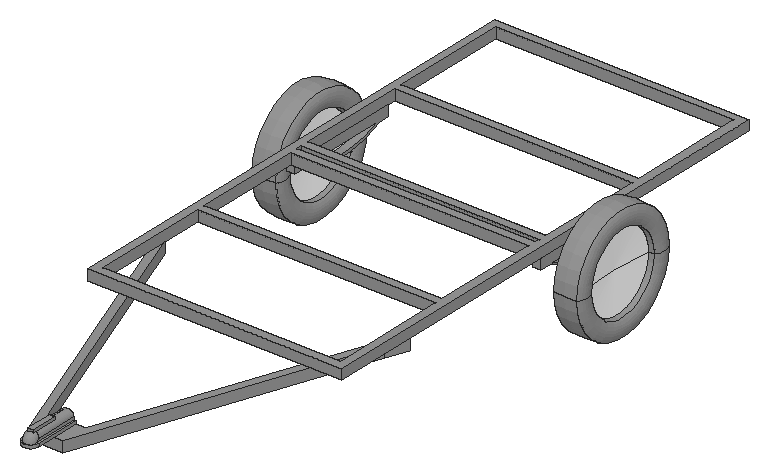
Revit family "HBFT-4x8Trailer 12x5.3tire", category Entourage, Revit 2015
Parameters
  Height = 0' - 0"
Reference planes (in)
  plane 1 "Center (Front/Back)": y = 0
  plane 2: z = 0
  plane 3 "Center (Left/Right)": x = 0
Forms (in)
  Extrusion 1, solid, material "Red"
    sketch origin (0, 0, 5.84073) x (-1, 0, 0) y (0, -1, 0)
      loop
        line (-24, 58) -> (-24, -38) -> (24, -38) -> (24, 58) -> (-24, 58)
      loop
        line (-22.5, 56.5) -> (-22.5, 34) -> (22.5, 34) -> (22.5, 56.5) -> (-22.5, 56.5)
      loop
        line (22.5, -36.5) -> (22.5, -14) -> (-22.5, -14) -> (-22.5, -36.5) -> (22.5, -36.5)
      loop
        line (-22.5, 32.5) -> (-22.5, 12) -> (22.5, 12) -> (22.5, 32.5) -> (-22.5, 32.5)
      loop
        line (-22.5, 10.5) -> (-22.5, 9.5) -> (22.5, 9.5) -> (22.5, 10.5) -> (-22.5, 10.5)
      loop
        line (-22.5, 8) -> (-22.5, -12.5) -> (22.5, -12.5) -> (22.5, 8) -> (-22.5, 8)
    from 10 to 12
  Extrusion 2, solid, material "Red"
    sketch origin (0, 0, 5.84073) x (-1, 0, 0) y (0, -1, 0)
      loop
        line (-3.25, 98) -> (-22.5, 46.04819) -> (-24, 42) -> (-22.5, 41.73103) -> (-3.55262, 92.86614) -> (3.55262, 92.86614) -> (22.5, 41.73103) -> (24, 42) -> (22.5, 46.04819) -> (3.25, 98) -> (-3.25, 98)
    from 8 to 10
  Extrusion 3, solid, material "Steel"
    sketch origin (0, 0, 5.84073) x (-1, 0, 0) y (0, -1, 0)
      loop
        line (-1.5748, 92.86614) -> (1.5748, 92.86614) -> (1.5748, 101.48819)
        arc (1.5748, 101.48819) -> (0, 103.06299) -> (-1.5748, 101.48819) r 1.5748
        line (-1.5748, 101.48819) -> (-1.5748, 92.86614)
    from 10 to 10.5
  Extrusion 4, solid, material "Black"
    sketch origin (0, 0, 5.84073) x (0, -1, 0) y (0, 0, 1)
      loop
        circle (0, 5) r 1
    from -28 to 28
  Extrusion 5, solid, material "Steel"
    sketch origin (0, 0, 5.84073) x (-1, 0, 0) y (0, -1, 0)
      loop
        line (-0.5, 101.5) -> (-0.5, 96.5) -> (0.5, 96.5) -> (0.5, 101.5) -> (-0.5, 101.5)
    from 12.5 to 12
  Sweep 6, solid, material "Steel"
    path origin (0, 0.62912, 5.80301) x (0, -1, 0) y (0, 0, 1)
      loop
        arc (102.27559, 10.5) -> (102.12026, 10.875) -> (101.74526, 11.03033) r 0.53033
        line (101.74526, 11.03033) -> (93.49526, 11.03033)
    profile origin (0, -101.49114, 16.67801) x (0, 0.707107, -0.707107) y (-1, 0, 0)
      loop
        arc (0, 1.125) -> (-1.125, 0) -> (0, -1.125) r 1.125
        line (0, -1.125) -> (0.375, -1.125) -> (0.375, -1) -> (0, -1)
        arc (0, -1) -> (-1, 0) -> (0, 1) r 1
        line (0, 1) -> (0.375, 1) -> (0.375, 1.125) -> (0, 1.125)
  Extrusion 7, solid, material "Black"
    sketch origin (0, 0, 5.84073) x (0, -1, 0) y (0, 0, 1)
      loop
        line (11, 10) -> (-11, 10) -> (-11, 8) -> (-9, 8)
        arc (-9, 8) -> (0, 6) -> (9, 8) r 21.25
        line (9, 8) -> (11, 8) -> (11, 10)
      loop
        line (8.89412, 8.22647) -> (-8.89412, 8.22647)
        arc (-8.89412, 8.22647) -> (0, 6.25) -> (8.89412, 8.22647) r 21
    from -24 to -22.5
  Extrusion 8, solid, material "Black"
    sketch origin (0, 0, 5.84073) x (0, -1, 0) y (0, 0, 1)
      loop
        line (11, 10) -> (-11, 10) -> (-11, 8) -> (-9, 8)
        arc (-9, 8) -> (0, 6) -> (9, 8) r 21.25
        line (9, 8) -> (11, 8) -> (11, 10)
      loop
        line (8.89412, 8.22647) -> (-8.89412, 8.22647)
        arc (-8.89412, 8.22647) -> (0, 6.25) -> (8.89412, 8.22647) r 21
    from 22.5 to 24
  Revolve 9, solid, material "Tire"
    sketch origin (-2.5, 0, 10.84073) x (-1, 0, 0) y (0, -1, 0)
      loop
        arc (-28.80177, 10.84073) -> (-31, 11) -> (-33.19823, 10.84073) r 15.25
        arc (-33.19823, 10.84073) -> (-33.75113, 9.17037) -> (-33.19823, 7.5) r 2.79962
        arc (-33.19823, 7.5) -> (-31, 7.3345) -> (-28.80177, 7.5) r 14.68196
        arc (-28.80177, 7.5) -> (-28.24887, 9.17037) -> (-28.80177, 10.84073) r 2.79962
      axis (-28.80177, 0) -> (-33.19823, 0)
    angle from 0 to 360
  Revolve 10, solid, material "White"
    sketch origin (-2.5, 0, 10.84073) x (-1, 0, 0) y (0, -1, 0)
      loop
        line (-30, 7.5) -> (-32, 7.5)
        arc (-32, 7.5) -> (-31.57722, 3.76152) -> (-31.5, 0) r 40.87095
        line (-31.5, 0) -> (-30.5, 0)
        arc (-30.5, 0) -> (-30.42278, 3.76152) -> (-30, 7.5) r 40.87095
      axis (-30, 0) -> (-32, 0)
    angle from 0 to 360
  Revolve 11, solid, material "Tire"
    sketch origin (2.5, 0, 10.84073) x (1, 0, 0) y (0, 1, 0)
      loop
        arc (-28.80177, -10.84073) -> (-28.24887, -9.17037) -> (-28.80177, -7.5) r 2.79962
        arc (-28.80177, -7.5) -> (-31, -7.3345) -> (-33.19823, -7.5) r 14.68196
        arc (-33.19823, -7.5) -> (-33.75113, -9.17037) -> (-33.19823, -10.84073) r 2.79962
        arc (-33.19823, -10.84073) -> (-31, -11) -> (-28.80177, -10.84073) r 15.25
      axis (-28.80177, 0) -> (-33.19823, 0)
    angle from 0 to 360
  Revolve 12, solid, material "White"
    sketch origin (2.5, 0, 10.84073) x (1, 0, 0) y (0, 1, 0)
      loop
        arc (-30, -7.5) -> (-30.42278, -3.76152) -> (-30.5, 0) r 40.87095
        line (-30.5, 0) -> (-31.5, 0)
        arc (-31.5, 0) -> (-31.57722, -3.76152) -> (-32, -7.5) r 40.87095
        line (-32, -7.5) -> (-30, -7.5)
      axis (-30, 0) -> (-32, 0)
    angle from 0 to 360
Dimensions and locks (in)
  aligned and locked: plane 2 to level
